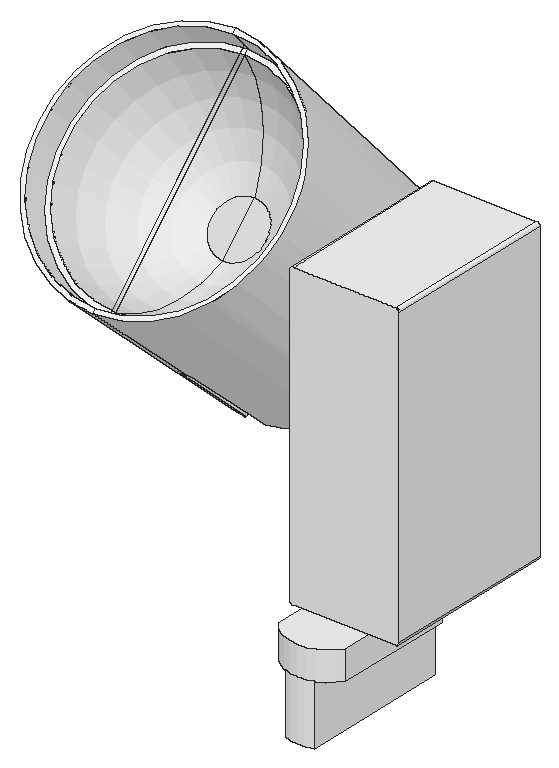
Revit family "0004937 Feilo Sylvania Lighting Fixture START TRACK SPOT L DALI 4897LM 940 MB WHT", category Lighting Fixtures, host Face, Revit 2017
Family settings
  Host = Face
  Round Connector Dimension = Use Diameter
  Part Type = Normal
  OmniClass Number = 23.80.70.00
  OmniClass Title = Lighting
  Cut with Voids When Loaded = No
  Light Source = No
  Shared = No
  Room Calculation Point = No
Parameters (values of type "0004937 START TRACK SPOT L DALI 4897LM 940 MB WHT")
  Weight = "1.398 kg"
  Wattage Comments = ""
  WarrantyStartDate [instance] = "n/a"
  WarrantyGuarantorParts = "n/a"
  WarrantyDurationUnit = "n/a"
  WarrantyDurationParts = "n/a"
  WarrantyDescription = "n/a"
  Voltage = 230 V
  URL = "http://www.sylvania-lighting.com/"
  TypeName = "START TRACK SPOT L DALI 4897LM 940 MB WHT"
  TypeHead_FEILO = Start Track Spot Head : 0004881 START TRACK SPOT L 55W 4K RA90 MB WHITE
  TypeBox_FEILO = Start Track Spot Box : Type Large White
  Type Image = <None>
  Type Comments = "n/a"
  VerticalRotation_FEILO [instance] = 0.00°
  SlideEndAngle_FEILO [instance] = VerticalRotation_FEILO + 180.00°  # 180.00°
  SerialNumber [instance] = "n/a"
  Material_3_FEILO = none
  PowerFactor = 0.96
  PowerConsumption = "55 W"
  NominalLength = 0 mm
  NominalHeight = 240 mm
  NominalDepth = 164 mm
  Name = "START TRACK SPOT L DALI 4897LM 940 MB WHT"
  ModelReference = Name  # "START TRACK SPOT L DALI 4897LM 940 MB WHT"
  ModelNumber = "0004937"
  Model = Name  # "START TRACK SPOT L DALI 4897LM 940 MB WHT"
  Material = "adc12 aluminium housing, polycarbonate diffuser"
  ManufacturerName = "Feilo Sylvania"
  Manufacturer = "Feilo Sylvania"
  LuminousEfficacy = "89 lm/W"
  LuminaireType = ""
  LightOutputRatio = "100"
  LampsType = Lamp  # "LED"
  LampNominalLuminous = "4897 lm"
  LampMacAdamStep = "3"
  LampColourTemperature = "4000 K"
  LampColourRenderingIndex = "90"
  Lamp = "LED"
  Keynote = "16500"
  InstallationDate [instance] = "n/a"
  InputVoltage = "230-240V~"
  InputNominalFrequency = "50/60 Hz"
  IngressProtection = "IP20"
  ImpactProtectionIndex = "IK02"
  IfcExportType = "IfcLightFixtureType"
  IfcExportAs = "IfcLightFixtureType"
  HorizontalRotation_FEILO [instance] = 45.00°
  ExpectedLife = 50000
  ElectricShockClassification = "Class II"
  DurationUnit = "hours"
  DocumentationLiterature = "http://www.sylvania-lighting.com/product/en-int/products/0004881"
  DimmingControlOptions = "Dimmable"
  Material_2_FEILO = none
  Description = "Integrated LED spotlight, Textured White - RAL9016, compact and minimalist design, ideal for retail applications, die-cast aluminium body, passive cooling heatsink. Beam angle: 38°, color temperature: 4000K , total system power: 55W, total fixture output: 4897 lm, LOR: 100%, colour rendering: Ra: 90 typical, LED Chromaticity: 3 step MacAdam ellipse, lifetime: >50000 hours at L70B50, energy class: A++, A+, A, IR/UV free light source without heat radiation, operating voltage: 220-240V / 50-60Hz, drive current: 1400mA, electronic driver, non-dimmable, power factor: 0.96, electrical protection: Class II, Global Track 3 Phase adapter suitable for Global trac 3-circuit tracks, ingress protection rating: IP20, suitable for internal environment only, horizontal rotation: 355°, vertical tilt: 90°, dimensions: Ø113x164x240, weight: 1.398kg."
  Default Elevation = 1219.2 mm
  CreatedOn = "04/26/2018"
  CreatedBy = ""
  Cost = 0
  built-in parameter 1114216 [instance] = (empty or 0)
  ClassificationValue = "EF_70_80"
  ClassificationName = "Uniclass2015"
  Material_1_FEILO = Body-Sylvania-StartTrackSpot-White
  BarCode [instance] = "n/a"
  AssetType = "Fixed"
  AssetIdentifier [instance] = "n/a"
  Assembly Code = "D5020200"
  Apparent Load = 55 VA
  Material_4_FEILO = none
Reference planes
  plane 1 "Center (Front/Back)": y = 0
  plane 2: z = 0
  plane 3 "Center (Left/Right)": x = 0
  plane 4: x = 15
  plane 5: x = -15
  plane 6: y = 35
  plane 7: y = -35
  plane 8: z = 13
  plane 9: z = -27
  plane 10: x = 6.5
  plane 11: x = -6.5
  plane 12: y = 27
  plane 13: y = -27
  plane 14: y = 20
Forms (mm)
  Extrusion 1, solid, material "Body-Sylvania-StartTrackSpot-White" <- "Material_1_FEILO"
    sketch origin (0, 0, 0) x (1, 0, 0) y (0, 1, 0)
      loop
        line (-15, 27) -> (-15, -27)
        arc (-15, -27) -> (0, -35) -> (15, -27) r 18.062
        line (15, -27) -> (15, 27)
        arc (15, 27) -> (0, 35) -> (-15, 27) r 18.062
    from 0 to 13
  Extrusion 2, solid, material "Body-Sylvania-StartTrackSpot-White" <- "Material_1_FEILO"
    sketch origin (0, 0, 0) x (1, 0, 0) y (0, 1, 0)
      loop
        arc (6.5, 33.79) -> (0, 35) -> (-6.5, 33.79) r 18.062
        line (-6.5, 33.79) -> (-6.5, -33.79)
        arc (-6.5, -33.79) -> (0, -35) -> (6.5, -33.79) r 18.062
        line (6.5, -33.79) -> (6.5, 33.79)
    from 0 to -27
  Revolve 3, solid, not visible
    sketch origin (1524, 20, 1219.2) x (1, 0, 0) y (0, 0, 1)
      loop
        line (-1524, -1206.2) -> (-1524, -1191.285) -> (-1530.5, -1191.285) -> (-1530.5, -1206.2) -> (-1524, -1206.2)
      axis (-1524, -1191.285) -> (-1524, -1206.2)
    angle from 0 <- "VerticalRotation_FEILO" to 180 <- "SlideEndAngle_FEILO"
Cuts and joins
  joined: Extrusion 1, Extrusion 2
Dimensions and locks
  equal spacing: plane 10, plane 3 "Center (Left/Right)", plane 11
  equal spacing: plane 4, plane 3 "Center (Left/Right)", plane 5
  locked: plane 8 to plane 2 at 13
  locked: plane 8 to plane 9 at 40
  equal spacing: plane 13, plane 1 "Center (Front/Back)", plane 12
  locked: plane 12 to plane 6 at 8
  locked: plane 14 to plane 6 at 15
  locked: Revolve 3 sketch curve to plane 8 at 14.915
  aligned and locked: plane 2 to host face
  aligned and locked: level to host face
  aligned and locked: plane 5 to Extrusion 1 sketch curve  (x2)
  aligned and locked: plane 12 to Extrusion 1 sketch curve
  aligned and locked: plane 13 to Extrusion 1 sketch curve
  aligned and locked: plane 4 to Extrusion 1 sketch curve
  aligned and locked: Extrusion 1 to plane 8
  aligned and locked: Extrusion 1 to level
  aligned and locked: Extrusion 2 sketch curve to Extrusion 1  (x2)
  aligned and locked: Extrusion 2 sketch curve to plane 11
  aligned and locked: plane 10 to Extrusion 2 sketch curve
  aligned and locked: plane 9 to Extrusion 2
  aligned and locked: level to Extrusion 2
  aligned and locked: Revolve 3 sketch curve to plane 3 "Center (Left/Right)"  (x2)
  aligned and locked: plane 11 to Revolve 3 sketch curve
  aligned and locked: Revolve 3 sketch curve to plane 8
Automatic sketch dimensions
  host sketch curve to host sketch curve = 2438.4 mm  (x2)
  Extrusion 1 sketch curve to plane 3 "Center (Left/Right)" = 0 mm  (x2)
  Extrusion 1 sketch curve to plane 13 = 10.062 mm
  plane 12 to Extrusion 1 sketch curve = 10.062 mm
  Revolve 3 sketch curve to plane 3 "Center (Left/Right)" = 0 mm
  plane 9 to Revolve 3 sketch curve = 582.6 mm
  Revolve 3 sketch curve to Revolve 3 sketch curve = 2581.144 mm
Nested families
  nested 1: "Start Track Spot Head" at (-75.5, 20, 133) x (0, 0.7071, 0.7071) z (0, 0.7071, -0.7071), type <- "TypeHead_FEILO", type "0004881 START TRACK SPOT L 55W 4K RA90 MB WHITE"
    with built-in parameter 1114216 (empty or 0)
  nested 2: "Start Track Spot Box" at (8.5, 20, 85) x (-1, 0, 0) z (0, -1, 0), BoxStartAngle_FEILO <- "HorizontalRotation_FEILO", type <- "TypeBox_FEILO", type "Type Large White"
    with BoxStartAngle_FEILO 45.00°, BoxEndAngle_FEILO -135.00°
Connectors
  electrical at (0, 0, 0), driven by "Apparent Load", driven by "PowerFactor", driven by "Voltage"
    settings: index 1, voltage 230 V, apparent load 55 VA, apparent load phase1 0 VA, apparent load phase2 0 VA, apparent load phase3 0 VA, power factor 0.96, load classification "Lighting", number of poles 1, system type 30, power factor state 1, is connector primary yes, connector utility no, sub classification motor no, connector description ""
Definition of nested family "Start Track Spot Head"
  Parameters (values of type "0004811 START TRACK SPOT S 14W 3K RA80 NB WHITE")
    Wattage Comments = "n/a"
    Wattage = 14 W
    built-in parameter 1150110 = 1 (stored number, unit not read)
    URL = "http://www.feilosylvania.com"
    Type Image = (empty or 0)
    Type Comments = "n/a"
    built-in parameter 1114217 = 1 (stored number, unit not read)
    Tilt Angle = -90.00°
    built-in parameter 1150109 = 1 (stored number, unit not read)
    built-in parameter 1150134 = (empty or 0)
    built-in parameter 1150113 = 1 (stored number, unit not read)
    Photometric Web File = "0004811.ies"
    Material_3_FEILO = none
    Model = "START TRACK SPOT S 14W 3K RA80 NB WHITE"
    Manufacturer = "Feilo Sylvania"
    built-in parameter 1150105 = 123.66 (stored number, unit not read)
    Lumens = 1554 lm
    built-in parameter 1150115 = 1 (stored number, unit not read)
    built-in parameter 1150137 = (empty or 0)
    built-in parameter 1150139 = (empty or 0)
    built-in parameter 1150112 = 1 (stored number, unit not read)
    built-in parameter 1150114 = 1 (stored number, unit not read)
    Lamp = "LED"
    Keynote = "16500"
    Material_2_FEILO = none
    built-in parameter 1150132 = (empty or 0)
    built-in parameter 1150102 = (empty or 0)
    built-in parameter 1150107 = 3000 (stored number, unit not read)
    built-in parameter 1150138 = (empty or 0)
    built-in parameter 1150106 = 1.2366 (stored number, unit not read)
    HeadThickness_FEILO = if(HeadDiaOut_FEILO > 112 mm, 2 mm, 1.5 mm)  # 1.5 mm
    HeadRibOffset_FEILO = HeadHeight_FEILO / 28  # 4.179 mm
    HeadRibDepth_FEILO = HeadHeight_FEILO / 2.1  # 55.714 mm
    HeadRibCutWidth_FEILO = HeadDiaOut_FEILO / 12  # 7.167 mm
    HeadRibCutOffset_FEILO = HeadHeight_FEILO / 2.3  # 50.87 mm
    HeadReflectorRadius_FEILO = HeadDiaOut_FEILO / 1.7  # 50.588 mm
    HeadReflectorOffset_FEILO = HeadHeight_FEILO / 2.1  # 55.714 mm
    HeadLEDRadius_FEILO = HeadDiaOut_FEILO / 9  # 9.556 mm
    HeadHeight_FEILO = 117 mm
    HeadDraft_FEILO = 1 mm
    HeadDiffusorThickness_FEILO = 3 mm
    HeadDiffusorOffset_FEILO = HeadHeight_FEILO / 12.4  # 9.435 mm
    HeadDiaOut_FEILO = 86 mm
    HeadDiaIn_FEILO = HeadDiaOut_FEILO / 1.11  # 77.477 mm
    HeadAxisFromTop_FEILO = HeadHeight_FEILO / 1.687  # 69.354 mm
    Emit from Circle Diameter = HeadDiaIn_FEILO  # 77.477 mm
    Emit Shape Visible in Rendering = no
    built-in parameter 1150104 = 10.312 (stored number, unit not read)
    Dimming Lamp Color Temperature Shift = (empty or 0)
    Description = "Integrated LED spotlight, Textured White - RAL9016, compact and minimalist design, ideal for retail applications, die-cast aluminium body, passive cooling heatsink. Beam angle: 12°, color temperature: 3000K , total system power: 14W, total fixture output: 1551 lm, LOR: 100%, colour rendering: Ra: 80 typical, LED Chromaticity: 3 step MacAdam ellipse, lifetime: >50000 hours at L70B50, energy class: A++, A+, A, IR/UV free light source without heat radiation, operating voltage: 220-240V / 50-60Hz, drive current: 350mA, electronic driver, non-dimmable, power factor: 0.92, electrical protection: Class II, Global Track 3 Phase adapter suitable for Global trac 3-circuit tracks, ingress protection rating: IP20, suitable for internal environment only, horizontal rotation: 355°, vertical tilt: 90°, dimensions: Ø86x140x200, weight: 0.940kg."
    Default Elevation = 1219.2 mm
    Cost = 0
    Color Filter = 16777215
    built-in parameter 1114216 [instance] = (empty or 0)
    Material_1_FEILO = none
    built-in parameter 1114218 = 1 (stored number, unit not read)
    built-in parameter 1150133 = 10 (stored number, unit not read)
    Assembly Code = "D5020200"
    Apparent Load = 14 VA
    Material_4_FEILO = none
  Types (96, lengths in mm): name | Wattage | built-in parameter 1150134 | Photometric Web File | Model | built-in parameter 1150105 | Lumens | built-in parameter 1150107 | built-in parameter 1150106 | HeadThickness_FEILO | HeadRibOffset_FEILO | HeadRibDepth_FEILO | HeadRibCutWidth_FEILO | HeadRibCutOffset_FEILO | HeadReflectorRadius_FEILO | HeadReflectorOffset_FEILO | HeadLEDRadius_FEILO | HeadHeight_FEILO | HeadDiffusorOffset_FEILO | HeadDiaOut_FEILO | HeadDiaIn_FEILO | HeadAxisFromTop_FEILO | Emit from Circle Diameter | built-in parameter 1150104 | Description | Apparent Load
    0004906 START TRACK SPOT L 55W 4K RA90 WB BLACK | 55 W | 12 | "0004906.ies" | "START TRACK SPOT L 55W 4K RA90 WB BLACK" | 385.15 (stored number, unit not read) | 4840 lm | 4000 (stored number, unit not read) | 3.8515 (stored number, unit not read) | 2 | 4.429 | 59.048 | 9.417 | 53.913 | 66.471 | 59.048 | 12.556 | 124 | 10 | 113 | 101.802 | 73.503 | 101.802 | 8.1755 (stored number, unit not read) | "Integrated LED spotlight, Textured Black - RAL9005, compact and minimalist design, ideal for retail applications, die-cast aluminium body, passive cooling heatsink. Beam angle: 52°, color temperature: 4000K , total system power: 55W, total fixture output: 4824 lm, LOR: 100%, colour rendering: Ra: 90 typical, LED Chromaticity: 3 step MacAdam ellipse, lifetime: >50000 hours at L70B50, energy class: A++, A+, A, IR/UV free light source without heat radiation, operating voltage: 220-240V / 50-60Hz, drive current: 1400mA, electronic driver, non-dimmable, power factor: 0.96, electrical protection: Class II, Global Track 3 Phase adapter suitable for Global trac 3-circuit tracks, ingress protection rating: IP20, suitable for internal environment only, horizontal rotation: 355°, vertical tilt: 90°, dimensions: Ø113x164x240, weight: 1.398kg." | 55 VA
    0004905 START TRACK SPOT L 55W 4K RA90 MB BLACK | 55 W | 12 | "0004905.ies" | "START TRACK SPOT L 55W 4K RA90 MB BLACK" | 389.53 (stored number, unit not read) | 4895 lm | 4000 (stored number, unit not read) | 3.8953 (stored number, unit not read) | 2 | 4.429 | 59.048 | 9.417 | 53.913 | 66.471 | 59.048 | 12.556 | 124 | 10 | 113 | 101.802 | 73.503 | 101.802 | 8.2684 (stored number, unit not read) | "Integrated LED spotlight, Textured Black - RAL9005, compact and minimalist design, ideal for retail applications, die-cast aluminium body, passive cooling heatsink. Beam angle: 38°, color temperature: 4000K , total system power: 55W, total fixture output: 4897 lm, LOR: 100%, colour rendering: Ra: 90 typical, LED Chromaticity: 3 step MacAdam ellipse, lifetime: >50000 hours at L70B50, energy class: A++, A+, A, IR/UV free light source without heat radiation, operating voltage: 220-240V / 50-60Hz, drive current: 1400mA, electronic driver, non-dimmable, power factor: 0.96, electrical protection: Class II, Global Track 3 Phase adapter suitable for Global trac 3-circuit tracks, ingress protection rating: IP20, suitable for internal environment only, horizontal rotation: 355°, vertical tilt: 90°, dimensions: Ø113x164x240, weight: 1.398kg." | 55 VA
    0004904 START TRACK SPOT L 55W 4K RA90 NB BLACK | 55 W | 12 | "0004904.ies" | "START TRACK SPOT L 55W 4K RA90 NB BLACK" | 393.91 (stored number, unit not read) | 4950 lm | 4000 (stored number, unit not read) | 3.9391 (stored number, unit not read) | 2 | 4.429 | 59.048 | 9.417 | 53.913 | 66.471 | 59.048 | 12.556 | 124 | 10 | 113 | 101.802 | 73.503 | 101.802 | 8.3613 (stored number, unit not read) | "Integrated LED spotlight, Textured Black - RAL9005, compact and minimalist design, ideal for retail applications, die-cast aluminium body, passive cooling heatsink. Beam angle: 15°, color temperature: 4000K , total system power: 55W, total fixture output: 4965 lm, LOR: 100%, colour rendering: Ra: 90 typical, LED Chromaticity: 3 step MacAdam ellipse, lifetime: >50000 hours at L70B50, energy class: A++, A+, A, IR/UV free light source without heat radiation, operating voltage: 220-240V / 50-60Hz, drive current: 1400mA, electronic driver, non-dimmable, power factor: 0.96, electrical protection: Class II, Global Track 3 Phase adapter suitable for Global trac 3-circuit tracks, ingress protection rating: IP20, suitable for internal environment only, horizontal rotation: 355°, vertical tilt: 90°, dimensions: Ø113x164x240, weight: 1.398kg." | 55 VA
    0004903 START TRACK SPOT L 35W 4K RA90 WB BLACK | 35 W | 12 | "0004903.ies" | "START TRACK SPOT L 35W 4K RA90 WB BLACK" | 284.09 (stored number, unit not read) | 3570 lm | 4000 (stored number, unit not read) | 2.8409 (stored number, unit not read) | 2 | 4.429 | 59.048 | 9.417 | 53.913 | 66.471 | 59.048 | 12.556 | 124 | 10 | 113 | 101.802 | 73.503 | 101.802 | 9.4761 (stored number, unit not read) | "Integrated LED spotlight, Textured Black - RAL9005, compact and minimalist design, ideal for retail applications, die-cast aluminium body, passive cooling heatsink. Beam angle: 52°, color temperature: 4000K , total system power: 35W, total fixture output: 3562 lm, LOR: 100%, colour rendering: Ra: 90 typical, LED Chromaticity: 3 step MacAdam ellipse, lifetime: >50000 hours at L70B50, energy class: A++, A+, A, IR/UV free light source without heat radiation, operating voltage: 220-240V / 50-60Hz, drive current: 900mA, electronic driver, non-dimmable, power factor: 0.93, electrical protection: Class II, Global Track 3 Phase adapter suitable for Global trac 3-circuit tracks, ingress protection rating: IP20, suitable for internal environment only, horizontal rotation: 355°, vertical tilt: 90°, dimensions: Ø113x164x240, weight: 1.368kg." | 35 VA
    0004902 START TRACK SPOT L 35W 4K RA90 MB BLACK | 35 W | 12 | "0004902.ies" | "START TRACK SPOT L 35W 4K RA90 MB BLACK" | 286.88 (stored number, unit not read) | 3605 lm | 4000 (stored number, unit not read) | 2.8688 (stored number, unit not read) | 2 | 4.429 | 59.048 | 9.417 | 53.913 | 66.471 | 59.048 | 12.556 | 124 | 10 | 113 | 101.802 | 73.503 | 101.802 | 9.569 (stored number, unit not read) | "Integrated LED spotlight, Textured Black - RAL9005, compact and minimalist design, ideal for retail applications, die-cast aluminium body, passive cooling heatsink. Beam angle: 38°, color temperature: 4000K , total system power: 35W, total fixture output: 3616 lm, LOR: 100%, colour rendering: Ra: 90 typical, LED Chromaticity: 3 step MacAdam ellipse, lifetime: >50000 hours at L70B50, energy class: A++, A+, A, IR/UV free light source without heat radiation, operating voltage: 220-240V / 50-60Hz, drive current: 900mA, electronic driver, non-dimmable, power factor: 0.93, electrical protection: Class II, Global Track 3 Phase adapter suitable for Global trac 3-circuit tracks, ingress protection rating: IP20, suitable for internal environment only, horizontal rotation: 355°, vertical tilt: 90°, dimensions: Ø113x164x240, weight: 1.368kg." | 35 VA
    0004901 START TRACK SPOT L 35W 4K RA90 NB BLACK | 35 W | 12 | "0004901.ies" | "START TRACK SPOT L 35W 4K RA90 NB BLACK" | 286.88 (stored number, unit not read) | 3605 lm | 4000 (stored number, unit not read) | 2.8688 (stored number, unit not read) | 2 | 4.429 | 59.048 | 9.417 | 53.913 | 66.471 | 59.048 | 12.556 | 124 | 10 | 113 | 101.802 | 73.503 | 101.802 | 9.569 (stored number, unit not read) | "Integrated LED spotlight, Textured Black - RAL9005, compact and minimalist design, ideal for retail applications, die-cast aluminium body, passive cooling heatsink. Beam angle: 15°, color temperature: 4000K , total system power: 35W, total fixture output: 3593 lm, LOR: 100%, colour rendering: Ra: 90 typical, LED Chromaticity: 3 step MacAdam ellipse, lifetime: >50000 hours at L70B50, energy class: A++, A+, A, IR/UV free light source without heat radiation, operating voltage: 220-240V / 50-60Hz, drive current: 900mA, electronic driver, non-dimmable, power factor: 0.93, electrical protection: Class II, Global Track 3 Phase adapter suitable for Global trac 3-circuit tracks, ingress protection rating: IP20, suitable for internal environment only, horizontal rotation: 355°, vertical tilt: 90°, dimensions: Ø113x164x240, weight: 1.368kg." | 35 VA
    0004900 START TRACK SPOT S 24W 4K RA90 WB BLACK | 24 W | 12 | "0004900.ies" | "START TRACK SPOT S 24W 4K RA90 WB BLACK" | 166.16 (stored number, unit not read) | 2088 lm | 4000 (stored number, unit not read) | 1.6616 (stored number, unit not read) | 1.5 | 4.179 | 55.714 | 7.167 | 50.87 | 50.588 | 55.714 | 9.556 | 117 | 9.435 | 86 | 77.477 | 69.354 | 77.477 | 8.0826 (stored number, unit not read) | "Integrated LED spotlight, Textured Black - RAL9005, compact and minimalist design, ideal for retail applications, die-cast aluminium body, passive cooling heatsink. Beam angle: 64°, color temperature: 4000K , total system power: 24W, total fixture output: 2087 lm, LOR: 100%, colour rendering: Ra: 90 typical, LED Chromaticity: 3 step MacAdam ellipse, lifetime: >50000 hours at L70B50, energy class: A++, A+, A, IR/UV free light source without heat radiation, operating voltage: 220-240V / 50-60Hz, drive current: 600mA, electronic driver, non-dimmable, power factor: 0.95, electrical protection: Class II, Global Track 3 Phase adapter suitable for Global trac 3-circuit tracks, ingress protection rating: IP20, suitable for internal environment only, horizontal rotation: 355°, vertical tilt: 90°, dimensions: Ø86x140x200, weight: 0.966kg." | 24 VA
    0004899 START TRACK SPOT S 24W 4K RA90 MB BLACK | 24 W | 12 | "0004899.ies" | "START TRACK SPOT S 24W 4K RA90 MB BLACK" | 169.98 (stored number, unit not read) | 2136 lm | 4000 (stored number, unit not read) | 1.6998 (stored number, unit not read) | 1.5 | 4.179 | 55.714 | 7.167 | 50.87 | 50.588 | 55.714 | 9.556 | 117 | 9.435 | 86 | 77.477 | 69.354 | 77.477 | 8.2684 (stored number, unit not read) | "Integrated LED spotlight, Textured Black - RAL9005, compact and minimalist design, ideal for retail applications, die-cast aluminium body, passive cooling heatsink. Beam angle: 36°, color temperature: 4000K , total system power: 24W, total fixture output: 2141 lm, LOR: 100%, colour rendering: Ra: 90 typical, LED Chromaticity: 3 step MacAdam ellipse, lifetime: >50000 hours at L70B50, energy class: A++, A+, A, IR/UV free light source without heat radiation, operating voltage: 220-240V / 50-60Hz, drive current: 600mA, electronic driver, non-dimmable, power factor: 0.95, electrical protection: Class II, Global Track 3 Phase adapter suitable for Global trac 3-circuit tracks, ingress protection rating: IP20, suitable for internal environment only, horizontal rotation: 355°, vertical tilt: 90°, dimensions: Ø86x140x200, weight: 0.966kg." | 24 VA
    0004898 START TRACK SPOT S 24W 4K RA90 NB BLACK | 24 W | 12 | "0004898.ies" | "START TRACK SPOT S 24W 4K RA90 NB BLACK" | 171.89 (stored number, unit not read) | 2160 lm | 4000 (stored number, unit not read) | 1.7189 (stored number, unit not read) | 1.5 | 4.179 | 55.714 | 7.167 | 50.87 | 50.588 | 55.714 | 9.556 | 117 | 9.435 | 86 | 77.477 | 69.354 | 77.477 | 8.3613 (stored number, unit not read) | "Integrated LED spotlight, Textured Black - RAL9005, compact and minimalist design, ideal for retail applications, die-cast aluminium body, passive cooling heatsink. Beam angle: 12°, color temperature: 4000K , total system power: 24W, total fixture output: 2155 lm, LOR: 100%, colour rendering: Ra: 90 typical, LED Chromaticity: 3 step MacAdam ellipse, lifetime: >50000 hours at L70B50, energy class: A++, A+, A, IR/UV free light source without heat radiation, operating voltage: 220-240V / 50-60Hz, drive current: 600mA, electronic driver, non-dimmable, power factor: 0.95, electrical protection: Class II, Global Track 3 Phase adapter suitable for Global trac 3-circuit tracks, ingress protection rating: IP20, suitable for internal environment only, horizontal rotation: 355°, vertical tilt: 90°, dimensions: Ø86x140x200, weight: 0.966kg." | 24 VA
    0004897 START TRACK SPOT S 14W 4K RA90 WB BLACK | 14 W | 12 | "0004897.ies" | "START TRACK SPOT S 14W 4K RA90 WB BLACK" | 108.07 (stored number, unit not read) | 1358 lm | 4000 (stored number, unit not read) | 1.0807 (stored number, unit not read) | 1.5 | 4.179 | 55.714 | 7.167 | 50.87 | 50.588 | 55.714 | 9.556 | 117 | 9.435 | 86 | 77.477 | 69.354 | 77.477 | 9.0116 (stored number, unit not read) | "Integrated LED spotlight, Textured Black - RAL9005, compact and minimalist design, ideal for retail applications, die-cast aluminium body, passive cooling heatsink. Beam angle: 64°, color temperature: 4000K , total system power: 14W, total fixture output: 1352 lm, LOR: 100%, colour rendering: Ra: 90 typical, LED Chromaticity: 3 step MacAdam ellipse, lifetime: >50000 hours at L70B50, energy class: A++, A+, A, IR/UV free light source without heat radiation, operating voltage: 220-240V / 50-60Hz, drive current: 350mA, electronic driver, non-dimmable, power factor: 0.92, electrical protection: Class II, Global Track 3 Phase adapter suitable for Global trac 3-circuit tracks, ingress protection rating: IP20, suitable for internal environment only, horizontal rotation: 355°, vertical tilt: 90°, dimensions: Ø86x140x200, weight: 0.940kg." | 14 VA
    0004896 START TRACK SPOT S 14W 4K RA90 MB BLACK | 14 W | 12 | "0004896.ies" | "START TRACK SPOT S 14W 4K RA90 MB BLACK" | 108.07 (stored number, unit not read) | 1358 lm | 4000 (stored number, unit not read) | 1.0807 (stored number, unit not read) | 1.5 | 4.179 | 55.714 | 7.167 | 50.87 | 50.588 | 55.714 | 9.556 | 117 | 9.435 | 86 | 77.477 | 69.354 | 77.477 | 9.0116 (stored number, unit not read) | "Integrated LED spotlight, Textured Black - RAL9005, compact and minimalist design, ideal for retail applications, die-cast aluminium body, passive cooling heatsink. Beam angle: 36°, color temperature: 4000K , total system power: 14W, total fixture output: 1359 lm, LOR: 100%, colour rendering: Ra: 90 typical, LED Chromaticity: 3 step MacAdam ellipse, lifetime: >50000 hours at L70B50, energy class: A++, A+, A, IR/UV free light source without heat radiation, operating voltage: 220-240V / 50-60Hz, drive current: 350mA, electronic driver, non-dimmable, power factor: 0.92, electrical protection: Class II, Global Track 3 Phase adapter suitable for Global trac 3-circuit tracks, ingress protection rating: IP20, suitable for internal environment only, horizontal rotation: 355°, vertical tilt: 90°, dimensions: Ø86x140x200, weight: 0.940kg." | 14 VA
    0004895 START TRACK SPOT S 14W 4K RA90 NB BLACK | 14 W | 12 | "0004895.ies" | "START TRACK SPOT S 14W 4K RA90 NB BLACK" | 106.95 (stored number, unit not read) | 1344 lm | 4000 (stored number, unit not read) | 1.0695 (stored number, unit not read) | 1.5 | 4.179 | 55.714 | 7.167 | 50.87 | 50.588 | 55.714 | 9.556 | 117 | 9.435 | 86 | 77.477 | 69.354 | 77.477 | 8.9187 (stored number, unit not read) | "Integrated LED spotlight, Textured Black - RAL9005, compact and minimalist design, ideal for retail applications, die-cast aluminium body, passive cooling heatsink. Beam angle: 12°, color temperature: 4000K , total system power: 14W, total fixture output: 1349 lm, LOR: 100%, colour rendering: Ra: 90 typical, LED Chromaticity: 3 step MacAdam ellipse, lifetime: >50000 hours at L70B50, energy class: A++, A+, A, IR/UV free light source without heat radiation, operating voltage: 220-240V / 50-60Hz, drive current: 350mA, electronic driver, non-dimmable, power factor: 0.92, electrical protection: Class II, Global Track 3 Phase adapter suitable for Global trac 3-circuit tracks, ingress protection rating: IP20, suitable for internal environment only, horizontal rotation: 355°, vertical tilt: 90°, dimensions: Ø86x140x200, weight: 0.940kg." | 14 VA
    0004894 START TRACK SPOT L 55W 3K RA90 WB BLACK | 55 W | (empty or 0) | "0004894.ies" | "START TRACK SPOT L 55W 3K RA90 WB BLACK" | 350.14 (stored number, unit not read) | 4400 lm | 3000 (stored number, unit not read) | 3.5014 (stored number, unit not read) | 2 | 4.429 | 59.048 | 9.417 | 53.913 | 66.471 | 59.048 | 12.556 | 124 | 10 | 113 | 101.802 | 73.503 | 101.802 | 7.4322 (stored number, unit not read) | "Integrated LED spotlight, Textured Black - RAL9005, compact and minimalist design, ideal for retail applications, die-cast aluminium body, passive cooling heatsink. Beam angle: 52°, color temperature: 3000K , total system power: 55W, total fixture output: 4405 lm, LOR: 100%, colour rendering: Ra: 90 typical, LED Chromaticity: 3 step MacAdam ellipse, lifetime: >50000 hours at L70B50, energy class: A++, A+, A, IR/UV free light source without heat radiation, operating voltage: 220-240V / 50-60Hz, drive current: 1400mA, electronic driver, non-dimmable, power factor: 0.96, electrical protection: Class II, Global Track 3 Phase adapter suitable for Global trac 3-circuit tracks, ingress protection rating: IP20, suitable for internal environment only, horizontal rotation: 355°, vertical tilt: 90°, dimensions: Ø113x164x240, weight: 1.398kg." | 55 VA
    0004893 START TRACK SPOT L 55W 3K RA90 MB BLACK | 55 W | (empty or 0) | "0004893.ies" | "START TRACK SPOT L 55W 3K RA90 MB BLACK" | 354.52 (stored number, unit not read) | 4455 lm | 3000 (stored number, unit not read) | 3.5452 (stored number, unit not read) | 2 | 4.429 | 59.048 | 9.417 | 53.913 | 66.471 | 59.048 | 12.556 | 124 | 10 | 113 | 101.802 | 73.503 | 101.802 | 7.5251 (stored number, unit not read) | "Integrated LED spotlight, Textured Black - RAL9005, compact and minimalist design, ideal for retail applications, die-cast aluminium body, passive cooling heatsink. Beam angle: 38°, color temperature: 3000K , total system power: 55W, total fixture output: 4448 lm, LOR: 100%, colour rendering: Ra: 90 typical, LED Chromaticity: 3 step MacAdam ellipse, lifetime: >50000 hours at L70B50, energy class: A++, A+, A, IR/UV free light source without heat radiation, operating voltage: 220-240V / 50-60Hz, drive current: 1400mA, electronic driver, non-dimmable, power factor: 0.96, electrical protection: Class II, Global Track 3 Phase adapter suitable for Global trac 3-circuit tracks, ingress protection rating: IP20, suitable for internal environment only, horizontal rotation: 355°, vertical tilt: 90°, dimensions: Ø113x164x240, weight: 1.398kg." | 55 VA
    0004892 START TRACK SPOT L 55W 3K RA90 NB BLACK | 55 W | (empty or 0) | "0004892.ies" | "START TRACK SPOT L 55W 3K RA90 NB BLACK" | 350.14 (stored number, unit not read) | 4400 lm | 3000 (stored number, unit not read) | 3.5014 (stored number, unit not read) | 2 | 4.429 | 59.048 | 9.417 | 53.913 | 66.471 | 59.048 | 12.556 | 124 | 10 | 113 | 101.802 | 73.503 | 101.802 | 7.4322 (stored number, unit not read) | "Integrated LED spotlight, Textured Black - RAL9005, compact and minimalist design, ideal for retail applications, die-cast aluminium body, passive cooling heatsink. Beam angle: 15°, color temperature: 3000K , total system power: 55W, total fixture output: 4416 lm, LOR: 100%, colour rendering: Ra: 90 typical, LED Chromaticity: 3 step MacAdam ellipse, lifetime: >50000 hours at L70B50, energy class: A++, A+, A, IR/UV free light source without heat radiation, operating voltage: 220-240V / 50-60Hz, drive current: 1400mA, electronic driver, non-dimmable, power factor: 0.96, electrical protection: Class II, Global Track 3 Phase adapter suitable for Global trac 3-circuit tracks, ingress protection rating: IP20, suitable for internal environment only, horizontal rotation: 355°, vertical tilt: 90°, dimensions: Ø113x164x240, weight: 1.398kg." | 55 VA
    0004891 START TRACK SPOT L 35W 3K RA90 WB BLACK | 35 W | (empty or 0) | "0004891.ies" | "START TRACK SPOT L 35W 3K RA90 WB BLACK" | 259.02 (stored number, unit not read) | 3255 lm | 3000 (stored number, unit not read) | 2.5902 (stored number, unit not read) | 2 | 4.429 | 59.048 | 9.417 | 53.913 | 66.471 | 59.048 | 12.556 | 124 | 10 | 113 | 101.802 | 73.503 | 101.802 | 8.64 (stored number, unit not read) | "Integrated LED spotlight, Textured Black - RAL9005, compact and minimalist design, ideal for retail applications, die-cast aluminium body, passive cooling heatsink. Beam angle: 52°, color temperature: 3000K , total system power: 35W, total fixture output: 3260 lm, LOR: 100%, colour rendering: Ra: 90 typical, LED Chromaticity: 3 step MacAdam ellipse, lifetime: >50000 hours at L70B50, energy class: A++, A+, A, IR/UV free light source without heat radiation, operating voltage: 220-240V / 50-60Hz, drive current: 900mA, electronic driver, non-dimmable, power factor: 0.93, electrical protection: Class II, Global Track 3 Phase adapter suitable for Global trac 3-circuit tracks, ingress protection rating: IP20, suitable for internal environment only, horizontal rotation: 355°, vertical tilt: 90°, dimensions: Ø113x164x240, weight: 1.368kg." | 35 VA
    0004890 START TRACK SPOT L 35W 3K RA90 MB BLACK | 35 W | (empty or 0) | "0004890.ies" | "START TRACK SPOT L 35W 3K RA90 MB BLACK" | 261.81 (stored number, unit not read) | 3290 lm | 3000 (stored number, unit not read) | 2.6181 (stored number, unit not read) | 2 | 4.429 | 59.048 | 9.417 | 53.913 | 66.471 | 59.048 | 12.556 | 124 | 10 | 113 | 101.802 | 73.503 | 101.802 | 8.7329 (stored number, unit not read) | "Integrated LED spotlight, Textured Black - RAL9005, compact and minimalist design, ideal for retail applications, die-cast aluminium body, passive cooling heatsink. Beam angle: 38°, color temperature: 3000K , total system power: 35W, total fixture output: 3306 lm, LOR: 100%, colour rendering: Ra: 90 typical, LED Chromaticity: 3 step MacAdam ellipse, lifetime: >50000 hours at L70B50, energy class: A++, A+, A, IR/UV free light source without heat radiation, operating voltage: 220-240V / 50-60Hz, drive current: 900mA, electronic driver, non-dimmable, power factor: 0.93, electrical protection: Class II, Global Track 3 Phase adapter suitable for Global trac 3-circuit tracks, ingress protection rating: IP20, suitable for internal environment only, horizontal rotation: 355°, vertical tilt: 90°, dimensions: Ø113x164x240, weight: 1.368kg." | 35 VA
    0004889 START TRACK SPOT L 35W 3K RA90 NB BLACK | 35 W | (empty or 0) | "0004889.ies" | "START TRACK SPOT L 35W 3K RA90 NB BLACK" | 261.81 (stored number, unit not read) | 3290 lm | 3000 (stored number, unit not read) | 2.6181 (stored number, unit not read) | 2 | 4.429 | 59.048 | 9.417 | 53.913 | 66.471 | 59.048 | 12.556 | 124 | 10 | 113 | 101.802 | 73.503 | 101.802 | 8.7329 (stored number, unit not read) | "Integrated LED spotlight, Textured Black - RAL9005, compact and minimalist design, ideal for retail applications, die-cast aluminium body, passive cooling heatsink. Beam angle: 15°, color temperature: 3000K , total system power: 35W, total fixture output: 3287 lm, LOR: 100%, colour rendering: Ra: 90 typical, LED Chromaticity: 3 step MacAdam ellipse, lifetime: >50000 hours at L70B50, energy class: A++, A+, A, IR/UV free light source without heat radiation, operating voltage: 220-240V / 50-60Hz, drive current: 900mA, electronic driver, non-dimmable, power factor: 0.93, electrical protection: Class II, Global Track 3 Phase adapter suitable for Global trac 3-circuit tracks, ingress protection rating: IP20, suitable for internal environment only, horizontal rotation: 355°, vertical tilt: 90°, dimensions: Ø113x164x240, weight: 1.368kg." | 35 VA
    0004888 START TRACK SPOT S 24W 3K RA90 WB BLACK | 24 W | (empty or 0) | "0004888.ies" | "START TRACK SPOT S 24W 3K RA90 WB BLACK" | 152.79 (stored number, unit not read) | 1920 lm | 3000 (stored number, unit not read) | 1.5279 (stored number, unit not read) | 1.5 | 4.179 | 55.714 | 7.167 | 50.87 | 50.588 | 55.714 | 9.556 | 117 | 9.435 | 86 | 77.477 | 69.354 | 77.477 | 7.4322 (stored number, unit not read) | "Integrated LED spotlight, Textured Black - RAL9005, compact and minimalist design, ideal for retail applications, die-cast aluminium body, passive cooling heatsink. Beam angle: 64°, color temperature: 3000K , total system power: 24W, total fixture output: 1928 lm, LOR: 100%, colour rendering: Ra: 90 typical, LED Chromaticity: 3 step MacAdam ellipse, lifetime: >50000 hours at L70B50, energy class: A++, A+, A, IR/UV free light source without heat radiation, operating voltage: 220-240V / 50-60Hz, drive current: 600mA, electronic driver, non-dimmable, power factor: 0.95, electrical protection: Class II, Global Track 3 Phase adapter suitable for Global trac 3-circuit tracks, ingress protection rating: IP20, suitable for internal environment only, horizontal rotation: 355°, vertical tilt: 90°, dimensions: Ø86x140x200, weight: 0.966kg." | 24 VA
    0004887 START TRACK SPOT S 24W 3K RA90 MB BLACK | 24 W | (empty or 0) | "0004887.ies" | "START TRACK SPOT S 24W 3K RA90 MB BLACK" | 154.7 (stored number, unit not read) | 1944 lm | 3000 (stored number, unit not read) | 1.547 (stored number, unit not read) | 1.5 | 4.179 | 55.714 | 7.167 | 50.87 | 50.588 | 55.714 | 9.556 | 117 | 9.435 | 86 | 77.477 | 69.354 | 77.477 | 7.5251 (stored number, unit not read) | "Integrated LED spotlight, Textured Black - RAL9005, compact and minimalist design, ideal for retail applications, die-cast aluminium body, passive cooling heatsink. Beam angle: 36°, color temperature: 3000K , total system power: 24W, total fixture output: 1944 lm, LOR: 100%, colour rendering: Ra: 90 typical, LED Chromaticity: 3 step MacAdam ellipse, lifetime: >50000 hours at L70B50, energy class: A++, A+, A, IR/UV free light source without heat radiation, operating voltage: 220-240V / 50-60Hz, drive current: 600mA, electronic driver, non-dimmable, power factor: 0.95, electrical protection: Class II, Global Track 3 Phase adapter suitable for Global trac 3-circuit tracks, ingress protection rating: IP20, suitable for internal environment only, horizontal rotation: 355°, vertical tilt: 90°, dimensions: Ø86x140x200, weight: 0.966kg." | 24 VA
    0004886 START TRACK SPOT S 24W 3K RA90 NB BLACK | 24 W | (empty or 0) | "0004886.ies" | "START TRACK SPOT S 24W 3K RA90 NB BLACK" | 158.52 (stored number, unit not read) | 1992 lm | 3000 (stored number, unit not read) | 1.5852 (stored number, unit not read) | 1.5 | 4.179 | 55.714 | 7.167 | 50.87 | 50.588 | 55.714 | 9.556 | 117 | 9.435 | 86 | 77.477 | 69.354 | 77.477 | 7.711 (stored number, unit not read) | "Integrated LED spotlight, Textured Black - RAL9005, compact and minimalist design, ideal for retail applications, die-cast aluminium body, passive cooling heatsink. Beam angle: 12°, color temperature: 3000K , total system power: 24W, total fixture output: 1987 lm, LOR: 100%, colour rendering: Ra: 90 typical, LED Chromaticity: 3 step MacAdam ellipse, lifetime: >50000 hours at L70B50, energy class: A++, A+, A, IR/UV free light source without heat radiation, operating voltage: 220-240V / 50-60Hz, drive current: 600mA, electronic driver, non-dimmable, power factor: 0.95, electrical protection: Class II, Global Track 3 Phase adapter suitable for Global trac 3-circuit tracks, ingress protection rating: IP20, suitable for internal environment only, horizontal rotation: 355°, vertical tilt: 90°, dimensions: Ø86x140x200, weight: 0.966kg." | 24 VA
    0004885 START TRACK SPOT S 14W 3K RA90 WB BLACK | 14 W | (empty or 0) | "0004885.ies" | "START TRACK SPOT S 14W 3K RA90 WB BLACK" | 100.27 (stored number, unit not read) | 1260 lm | 3000 (stored number, unit not read) | 1.0027 (stored number, unit not read) | 1.5 | 4.179 | 55.714 | 7.167 | 50.87 | 50.588 | 55.714 | 9.556 | 117 | 9.435 | 86 | 77.477 | 69.354 | 77.477 | 8.3613 (stored number, unit not read) | "Integrated LED spotlight, Textured Black - RAL9005, compact and minimalist design, ideal for retail applications, die-cast aluminium body, passive cooling heatsink. Beam angle: 64°, color temperature: 3000K , total system power: 14W, total fixture output: 1262 lm, LOR: 100%, colour rendering: Ra: 90 typical, LED Chromaticity: 3 step MacAdam ellipse, lifetime: >50000 hours at L70B50, energy class: A++, A+, A, IR/UV free light source without heat radiation, operating voltage: 220-240V / 50-60Hz, drive current: 350mA, electronic driver, non-dimmable, power factor: 0.92, electrical protection: Class II, Global Track 3 Phase adapter suitable for Global trac 3-circuit tracks, ingress protection rating: IP20, suitable for internal environment only, horizontal rotation: 355°, vertical tilt: 90°, dimensions: Ø86x140x200, weight: 0.940kg." | 14 VA
    0004884 START TRACK SPOT S 14W 3K RA90 MB BLACK | 14 W | (empty or 0) | "0004884.ies" | "START TRACK SPOT S 14W 3K RA90 MB BLACK" | 100.27 (stored number, unit not read) | 1260 lm | 3000 (stored number, unit not read) | 1.0027 (stored number, unit not read) | 1.5 | 4.179 | 55.714 | 7.167 | 50.87 | 50.588 | 55.714 | 9.556 | 117 | 9.435 | 86 | 77.477 | 69.354 | 77.477 | 8.3613 (stored number, unit not read) | "Integrated LED spotlight, Textured Black - RAL9005, compact and minimalist design, ideal for retail applications, die-cast aluminium body, passive cooling heatsink. Beam angle: 36°, color temperature: 3000K , total system power: 14W, total fixture output: 1262 lm, LOR: 100%, colour rendering: Ra: 90 typical, LED Chromaticity: 3 step MacAdam ellipse, lifetime: >50000 hours at L70B50, energy class: A++, A+, A, IR/UV free light source without heat radiation, operating voltage: 220-240V / 50-60Hz, drive current: 350mA, electronic driver, non-dimmable, power factor: 0.92, electrical protection: Class II, Global Track 3 Phase adapter suitable for Global trac 3-circuit tracks, ingress protection rating: IP20, suitable for internal environment only, horizontal rotation: 355°, vertical tilt: 90°, dimensions: Ø86x140x200, weight: 0.940kg." | 14 VA
    0004883 START TRACK SPOT S 14W 3K RA90 NB BLACK | 14 W | (empty or 0) | "0004883.ies" | "START TRACK SPOT S 14W 3K RA90 NB BLACK" | 102.5 (stored number, unit not read) | 1288 lm | 3000 (stored number, unit not read) | 1.025 (stored number, unit not read) | 1.5 | 4.179 | 55.714 | 7.167 | 50.87 | 50.588 | 55.714 | 9.556 | 117 | 9.435 | 86 | 77.477 | 69.354 | 77.477 | 8.5471 (stored number, unit not read) | "Integrated LED spotlight, Textured Black - RAL9005, compact and minimalist design, ideal for retail applications, die-cast aluminium body, passive cooling heatsink. Beam angle: 12°, color temperature: 3000K , total system power: 14W, total fixture output: 1284 lm, LOR: 100%, colour rendering: Ra: 90 typical, LED Chromaticity: 3 step MacAdam ellipse, lifetime: >50000 hours at L70B50, energy class: A++, A+, A, IR/UV free light source without heat radiation, operating voltage: 220-240V / 50-60Hz, drive current: 350mA, electronic driver, non-dimmable, power factor: 0.92, electrical protection: Class II, Global Track 3 Phase adapter suitable for Global trac 3-circuit tracks, ingress protection rating: IP20, suitable for internal environment only, horizontal rotation: 355°, vertical tilt: 90°, dimensions: Ø86x140x200, weight: 0.940kg." | 14 VA
    0004882 START TRACK SPOT L 55W 4K RA90 WB WHITE | 55 W | 12 | "0004882.ies" | "START TRACK SPOT L 55W 4K RA90 WB WHITE" | 385.15 (stored number, unit not read) | 4840 lm | 4000 (stored number, unit not read) | 3.8515 (stored number, unit not read) | 2 | 4.429 | 59.048 | 9.417 | 53.913 | 66.471 | 59.048 | 12.556 | 124 | 10 | 113 | 101.802 | 73.503 | 101.802 | 8.1755 (stored number, unit not read) | "Integrated LED spotlight, Textured White - RAL9016, compact and minimalist design, ideal for retail applications, die-cast aluminium body, passive cooling heatsink. Beam angle: 52°, color temperature: 4000K , total system power: 55W, total fixture output: 4824 lm, LOR: 100%, colour rendering: Ra: 90 typical, LED Chromaticity: 3 step MacAdam ellipse, lifetime: >50000 hours at L70B50, energy class: A++, A+, A, IR/UV free light source without heat radiation, operating voltage: 220-240V / 50-60Hz, drive current: 1400mA, electronic driver, non-dimmable, power factor: 0.96, electrical protection: Class II, Global Track 3 Phase adapter suitable for Global trac 3-circuit tracks, ingress protection rating: IP20, suitable for internal environment only, horizontal rotation: 355°, vertical tilt: 90°, dimensions: Ø113x164x240, weight: 1.398kg." | 55 VA
    0004881 START TRACK SPOT L 55W 4K RA90 MB WHITE | 55 W | 12 | "0004881.ies" | "START TRACK SPOT L 55W 4K RA90 MB WHITE" | 389.53 (stored number, unit not read) | 4895 lm | 4000 (stored number, unit not read) | 3.8953 (stored number, unit not read) | 2 | 4.429 | 59.048 | 9.417 | 53.913 | 66.471 | 59.048 | 12.556 | 124 | 10 | 113 | 101.802 | 73.503 | 101.802 | 8.2684 (stored number, unit not read) | "Integrated LED spotlight, Textured White - RAL9016, compact and minimalist design, ideal for retail applications, die-cast aluminium body, passive cooling heatsink. Beam angle: 38°, color temperature: 4000K , total system power: 55W, total fixture output: 4897 lm, LOR: 100%, colour rendering: Ra: 90 typical, LED Chromaticity: 3 step MacAdam ellipse, lifetime: >50000 hours at L70B50, energy class: A++, A+, A, IR/UV free light source without heat radiation, operating voltage: 220-240V / 50-60Hz, drive current: 1400mA, electronic driver, non-dimmable, power factor: 0.96, electrical protection: Class II, Global Track 3 Phase adapter suitable for Global trac 3-circuit tracks, ingress protection rating: IP20, suitable for internal environment only, horizontal rotation: 355°, vertical tilt: 90°, dimensions: Ø113x164x240, weight: 1.398kg." | 55 VA
    0004880 START TRACK SPOT L 55W 4K RA90 NB WHITE | 55 W | 12 | "0004880.ies" | "START TRACK SPOT L 55W 4K RA90 NB WHITE" | 393.91 (stored number, unit not read) | 4950 lm | 4000 (stored number, unit not read) | 3.9391 (stored number, unit not read) | 2 | 4.429 | 59.048 | 9.417 | 53.913 | 66.471 | 59.048 | 12.556 | 124 | 10 | 113 | 101.802 | 73.503 | 101.802 | 8.3613 (stored number, unit not read) | "Integrated LED spotlight, Textured White - RAL9016, compact and minimalist design, ideal for retail applications, die-cast aluminium body, passive cooling heatsink. Beam angle: 15°, color temperature: 4000K , total system power: 55W, total fixture output: 4965 lm, LOR: 100%, colour rendering: Ra: 90 typical, LED Chromaticity: 3 step MacAdam ellipse, lifetime: >50000 hours at L70B50, energy class: A++, A+, A, IR/UV free light source without heat radiation, operating voltage: 220-240V / 50-60Hz, drive current: 1400mA, electronic driver, non-dimmable, power factor: 0.96, electrical protection: Class II, Global Track 3 Phase adapter suitable for Global trac 3-circuit tracks, ingress protection rating: IP20, suitable for internal environment only, horizontal rotation: 355°, vertical tilt: 90°, dimensions: Ø113x164x240, weight: 1.398kg." | 55 VA
    0004879 START TRACK SPOT L 35W 4K RA90 WB WHITE | 35 W | 12 | "0004879.ies" | "START TRACK SPOT L 35W 4K RA90 WB WHITE" | 284.09 (stored number, unit not read) | 3570 lm | 4000 (stored number, unit not read) | 2.8409 (stored number, unit not read) | 2 | 4.429 | 59.048 | 9.417 | 53.913 | 66.471 | 59.048 | 12.556 | 124 | 10 | 113 | 101.802 | 73.503 | 101.802 | 9.4761 (stored number, unit not read) | "Integrated LED spotlight, Textured White - RAL9016, compact and minimalist design, ideal for retail applications, die-cast aluminium body, passive cooling heatsink. Beam angle: 52°, color temperature: 4000K , total system power: 35W, total fixture output: 3562 lm, LOR: 100%, colour rendering: Ra: 90 typical, LED Chromaticity: 3 step MacAdam ellipse, lifetime: >50000 hours at L70B50, energy class: A++, A+, A, IR/UV free light source without heat radiation, operating voltage: 220-240V / 50-60Hz, drive current: 900mA, electronic driver, non-dimmable, power factor: 0.93, electrical protection: Class II, Global Track 3 Phase adapter suitable for Global trac 3-circuit tracks, ingress protection rating: IP20, suitable for internal environment only, horizontal rotation: 355°, vertical tilt: 90°, dimensions: Ø113x164x240, weight: 1.368kg." | 35 VA
    0004878 START TRACK SPOT L 35W 4K RA90 MB WHITE | 35 W | 12 | "0004878.ies" | "START TRACK SPOT L 35W 4K RA90 MB WHITE" | 286.88 (stored number, unit not read) | 3605 lm | 4000 (stored number, unit not read) | 2.8688 (stored number, unit not read) | 2 | 4.429 | 59.048 | 9.417 | 53.913 | 66.471 | 59.048 | 12.556 | 124 | 10 | 113 | 101.802 | 73.503 | 101.802 | 9.569 (stored number, unit not read) | "Integrated LED spotlight, Textured White - RAL9016, compact and minimalist design, ideal for retail applications, die-cast aluminium body, passive cooling heatsink. Beam angle: 38°, color temperature: 4000K , total system power: 35W, total fixture output: 3616 lm, LOR: 100%, colour rendering: Ra: 90 typical, LED Chromaticity: 3 step MacAdam ellipse, lifetime: >50000 hours at L70B50, energy class: A++, A+, A, IR/UV free light source without heat radiation, operating voltage: 220-240V / 50-60Hz, drive current: 900mA, electronic driver, non-dimmable, power factor: 0.93, electrical protection: Class II, Global Track 3 Phase adapter suitable for Global trac 3-circuit tracks, ingress protection rating: IP20, suitable for internal environment only, horizontal rotation: 355°, vertical tilt: 90°, dimensions: Ø113x164x240, weight: 1.368kg." | 35 VA
    0004877 START TRACK SPOT L 35W 4K RA90 NB WHITE | 35 W | 12 | "0004877.ies" | "START TRACK SPOT L 35W 4K RA90 NB WHITE" | 286.88 (stored number, unit not read) | 3605 lm | 4000 (stored number, unit not read) | 2.8688 (stored number, unit not read) | 2 | 4.429 | 59.048 | 9.417 | 53.913 | 66.471 | 59.048 | 12.556 | 124 | 10 | 113 | 101.802 | 73.503 | 101.802 | 9.569 (stored number, unit not read) | "Integrated LED spotlight, Textured White - RAL9016, compact and minimalist design, ideal for retail applications, die-cast aluminium body, passive cooling heatsink. Beam angle: 15°, color temperature: 4000K , total system power: 35W, total fixture output: 3593 lm, LOR: 100%, colour rendering: Ra: 90 typical, LED Chromaticity: 3 step MacAdam ellipse, lifetime: >50000 hours at L70B50, energy class: A++, A+, A, IR/UV free light source without heat radiation, operating voltage: 220-240V / 50-60Hz, drive current: 900mA, electronic driver, non-dimmable, power factor: 0.93, electrical protection: Class II, Global Track 3 Phase adapter suitable for Global trac 3-circuit tracks, ingress protection rating: IP20, suitable for internal environment only, horizontal rotation: 355°, vertical tilt: 90°, dimensions: Ø113x164x240, weight: 1.368kg." | 35 VA
    0004876 START TRACK SPOT S 24W 4K RA90 WB WHITE | 24 W | 12 | "0004876.ies" | "START TRACK SPOT S 24W 4K RA90 WB WHITE" | 166.16 (stored number, unit not read) | 2088 lm | 4000 (stored number, unit not read) | 1.6616 (stored number, unit not read) | 1.5 | 4.179 | 55.714 | 7.167 | 50.87 | 50.588 | 55.714 | 9.556 | 117 | 9.435 | 86 | 77.477 | 69.354 | 77.477 | 8.0826 (stored number, unit not read) | "Integrated LED spotlight, Textured White - RAL9016, compact and minimalist design, ideal for retail applications, die-cast aluminium body, passive cooling heatsink. Beam angle: 64°, color temperature: 4000K , total system power: 24W, total fixture output: 2087 lm, LOR: 100%, colour rendering: Ra: 90 typical, LED Chromaticity: 3 step MacAdam ellipse, lifetime: >50000 hours at L70B50, energy class: A++, A+, A, IR/UV free light source without heat radiation, operating voltage: 220-240V / 50-60Hz, drive current: 600mA, electronic driver, non-dimmable, power factor: 0.95, electrical protection: Class II, Global Track 3 Phase adapter suitable for Global trac 3-circuit tracks, ingress protection rating: IP20, suitable for internal environment only, horizontal rotation: 355°, vertical tilt: 90°, dimensions: Ø86x140x200, weight: 0.966kg." | 24 VA
    0004875 START TRACK SPOT S 24W 4K RA90 MB WHITE | 24 W | 12 | "0004875.ies" | "START TRACK SPOT S 24W 4K RA90 MB WHITE" | 169.98 (stored number, unit not read) | 2136 lm | 4000 (stored number, unit not read) | 1.6998 (stored number, unit not read) | 1.5 | 4.179 | 55.714 | 7.167 | 50.87 | 50.588 | 55.714 | 9.556 | 117 | 9.435 | 86 | 77.477 | 69.354 | 77.477 | 8.2684 (stored number, unit not read) | "Integrated LED spotlight, Textured White - RAL9016, compact and minimalist design, ideal for retail applications, die-cast aluminium body, passive cooling heatsink. Beam angle: 36°, color temperature: 4000K , total system power: 24W, total fixture output: 2141 lm, LOR: 100%, colour rendering: Ra: 90 typical, LED Chromaticity: 3 step MacAdam ellipse, lifetime: >50000 hours at L70B50, energy class: A++, A+, A, IR/UV free light source without heat radiation, operating voltage: 220-240V / 50-60Hz, drive current: 600mA, electronic driver, non-dimmable, power factor: 0.95, electrical protection: Class II, Global Track 3 Phase adapter suitable for Global trac 3-circuit tracks, ingress protection rating: IP20, suitable for internal environment only, horizontal rotation: 355°, vertical tilt: 90°, dimensions: Ø86x140x200, weight: 0.966kg." | 24 VA
    0004874 START TRACK SPOT S 24W 4K RA90 NB WHITE | 24 W | 12 | "0004874.ies" | "START TRACK SPOT S 24W 4K RA90 NB WHITE" | 171.89 (stored number, unit not read) | 2160 lm | 4000 (stored number, unit not read) | 1.7189 (stored number, unit not read) | 1.5 | 4.179 | 55.714 | 7.167 | 50.87 | 50.588 | 55.714 | 9.556 | 117 | 9.435 | 86 | 77.477 | 69.354 | 77.477 | 8.3613 (stored number, unit not read) | "Integrated LED spotlight, Textured White - RAL9016, compact and minimalist design, ideal for retail applications, die-cast aluminium body, passive cooling heatsink. Beam angle: 12°, color temperature: 4000K , total system power: 24W, total fixture output: 2155 lm, LOR: 100%, colour rendering: Ra: 90 typical, LED Chromaticity: 3 step MacAdam ellipse, lifetime: >50000 hours at L70B50, energy class: A++, A+, A, IR/UV free light source without heat radiation, operating voltage: 220-240V / 50-60Hz, drive current: 600mA, electronic driver, non-dimmable, power factor: 0.95, electrical protection: Class II, Global Track 3 Phase adapter suitable for Global trac 3-circuit tracks, ingress protection rating: IP20, suitable for internal environment only, horizontal rotation: 355°, vertical tilt: 90°, dimensions: Ø86x140x200, weight: 0.966kg." | 24 VA
    0004873 START TRACK SPOT S 14W 4K RA90 WB WHITE | 14 W | 12 | "0004873.ies" | "START TRACK SPOT S 14W 4K RA90 WB WHITE" | 108.07 (stored number, unit not read) | 1358 lm | 4000 (stored number, unit not read) | 1.0807 (stored number, unit not read) | 1.5 | 4.179 | 55.714 | 7.167 | 50.87 | 50.588 | 55.714 | 9.556 | 117 | 9.435 | 86 | 77.477 | 69.354 | 77.477 | 9.0116 (stored number, unit not read) | "Integrated LED spotlight, Textured White - RAL9016, compact and minimalist design, ideal for retail applications, die-cast aluminium body, passive cooling heatsink. Beam angle: 64°, color temperature: 4000K , total system power: 14W, total fixture output: 1352 lm, LOR: 100%, colour rendering: Ra: 90 typical, LED Chromaticity: 3 step MacAdam ellipse, lifetime: >50000 hours at L70B50, energy class: A++, A+, A, IR/UV free light source without heat radiation, operating voltage: 220-240V / 50-60Hz, drive current: 350mA, electronic driver, non-dimmable, power factor: 0.92, electrical protection: Class II, Global Track 3 Phase adapter suitable for Global trac 3-circuit tracks, ingress protection rating: IP20, suitable for internal environment only, horizontal rotation: 355°, vertical tilt: 90°, dimensions: Ø86x140x200, weight: 0.940kg." | 14 VA
    0004872 START TRACK SPOT S 14W 4K RA90 MB WHITE | 14 W | 12 | "0004872.ies" | "START TRACK SPOT S 14W 4K RA90 MB WHITE" | 108.07 (stored number, unit not read) | 1358 lm | 4000 (stored number, unit not read) | 1.0807 (stored number, unit not read) | 1.5 | 4.179 | 55.714 | 7.167 | 50.87 | 50.588 | 55.714 | 9.556 | 117 | 9.435 | 86 | 77.477 | 69.354 | 77.477 | 9.0116 (stored number, unit not read) | "Integrated LED spotlight, Textured White - RAL9016, compact and minimalist design, ideal for retail applications, die-cast aluminium body, passive cooling heatsink. Beam angle: 36°, color temperature: 4000K , total system power: 14W, total fixture output: 1359 lm, LOR: 100%, colour rendering: Ra: 90 typical, LED Chromaticity: 3 step MacAdam ellipse, lifetime: >50000 hours at L70B50, energy class: A++, A+, A, IR/UV free light source without heat radiation, operating voltage: 220-240V / 50-60Hz, drive current: 350mA, electronic driver, non-dimmable, power factor: 0.92, electrical protection: Class II, Global Track 3 Phase adapter suitable for Global trac 3-circuit tracks, ingress protection rating: IP20, suitable for internal environment only, horizontal rotation: 355°, vertical tilt: 90°, dimensions: Ø86x140x200, weight: 0.940kg." | 14 VA
    0004871 START TRACK SPOT S 14W 4K RA90 NB WHITE | 14 W | 12 | "0004871.ies" | "START TRACK SPOT S 14W 4K RA90 NB WHITE" | 106.95 (stored number, unit not read) | 1344 lm | 4000 (stored number, unit not read) | 1.0695 (stored number, unit not read) | 1.5 | 4.179 | 55.714 | 7.167 | 50.87 | 50.588 | 55.714 | 9.556 | 117 | 9.435 | 86 | 77.477 | 69.354 | 77.477 | 8.9187 (stored number, unit not read) | "Integrated LED spotlight, Textured White - RAL9016, compact and minimalist design, ideal for retail applications, die-cast aluminium body, passive cooling heatsink. Beam angle: 12°, color temperature: 4000K , total system power: 14W, total fixture output: 1349 lm, LOR: 100%, colour rendering: Ra: 90 typical, LED Chromaticity: 3 step MacAdam ellipse, lifetime: >50000 hours at L70B50, energy class: A++, A+, A, IR/UV free light source without heat radiation, operating voltage: 220-240V / 50-60Hz, drive current: 350mA, electronic driver, non-dimmable, power factor: 0.92, electrical protection: Class II, Global Track 3 Phase adapter suitable for Global trac 3-circuit tracks, ingress protection rating: IP20, suitable for internal environment only, horizontal rotation: 355°, vertical tilt: 90°, dimensions: Ø86x140x200, weight: 0.940kg." | 14 VA
    0004870 START TRACK SPOT L 55W 3K RA90 WB WHITE | 55 W | (empty or 0) | "0004870.ies" | "START TRACK SPOT L 55W 3K RA90 WB WHITE" | 350.14 (stored number, unit not read) | 4400 lm | 3000 (stored number, unit not read) | 3.5014 (stored number, unit not read) | 2 | 4.429 | 59.048 | 9.417 | 53.913 | 66.471 | 59.048 | 12.556 | 124 | 10 | 113 | 101.802 | 73.503 | 101.802 | 7.4322 (stored number, unit not read) | "Integrated LED spotlight, Textured White - RAL9016, compact and minimalist design, ideal for retail applications, die-cast aluminium body, passive cooling heatsink. Beam angle: 52°, color temperature: 3000K , total system power: 55W, total fixture output: 4405 lm, LOR: 100%, colour rendering: Ra: 90 typical, LED Chromaticity: 3 step MacAdam ellipse, lifetime: >50000 hours at L70B50, energy class: A++, A+, A, IR/UV free light source without heat radiation, operating voltage: 220-240V / 50-60Hz, drive current: 1400mA, electronic driver, non-dimmable, power factor: 0.96, electrical protection: Class II, Global Track 3 Phase adapter suitable for Global trac 3-circuit tracks, ingress protection rating: IP20, suitable for internal environment only, horizontal rotation: 355°, vertical tilt: 90°, dimensions: Ø113x164x240, weight: 1.398kg." | 55 VA
    0004869 START TRACK SPOT L 55W 3K RA90 MB WHITE | 55 W | (empty or 0) | "0004869.ies" | "START TRACK SPOT L 55W 3K RA90 MB WHITE" | 354.52 (stored number, unit not read) | 4455 lm | 3000 (stored number, unit not read) | 3.5452 (stored number, unit not read) | 2 | 4.429 | 59.048 | 9.417 | 53.913 | 66.471 | 59.048 | 12.556 | 124 | 10 | 113 | 101.802 | 73.503 | 101.802 | 7.5251 (stored number, unit not read) | "Integrated LED spotlight, Textured White - RAL9016, compact and minimalist design, ideal for retail applications, die-cast aluminium body, passive cooling heatsink. Beam angle: 38°, color temperature: 3000K , total system power: 55W, total fixture output: 4448 lm, LOR: 100%, colour rendering: Ra: 90 typical, LED Chromaticity: 3 step MacAdam ellipse, lifetime: >50000 hours at L70B50, energy class: A++, A+, A, IR/UV free light source without heat radiation, operating voltage: 220-240V / 50-60Hz, drive current: 1400mA, electronic driver, non-dimmable, power factor: 0.96, electrical protection: Class II, Global Track 3 Phase adapter suitable for Global trac 3-circuit tracks, ingress protection rating: IP20, suitable for internal environment only, horizontal rotation: 355°, vertical tilt: 90°, dimensions: Ø113x164x240, weight: 1.398kg." | 55 VA
    0004868 START TRACK SPOT L 55W 3K RA90 NB WHITE | 55 W | (empty or 0) | "0004868.ies" | "START TRACK SPOT L 55W 3K RA90 NB WHITE" | 350.14 (stored number, unit not read) | 4400 lm | 3000 (stored number, unit not read) | 3.5014 (stored number, unit not read) | 2 | 4.429 | 59.048 | 9.417 | 53.913 | 66.471 | 59.048 | 12.556 | 124 | 10 | 113 | 101.802 | 73.503 | 101.802 | 7.4322 (stored number, unit not read) | "Integrated LED spotlight, Textured White - RAL9016, compact and minimalist design, ideal for retail applications, die-cast aluminium body, passive cooling heatsink. Beam angle: 15°, color temperature: 3000K , total system power: 55W, total fixture output: 4416 lm, LOR: 100%, colour rendering: Ra: 90 typical, LED Chromaticity: 3 step MacAdam ellipse, lifetime: >50000 hours at L70B50, energy class: A++, A+, A, IR/UV free light source without heat radiation, operating voltage: 220-240V / 50-60Hz, drive current: 1400mA, electronic driver, non-dimmable, power factor: 0.96, electrical protection: Class II, Global Track 3 Phase adapter suitable for Global trac 3-circuit tracks, ingress protection rating: IP20, suitable for internal environment only, horizontal rotation: 355°, vertical tilt: 90°, dimensions: Ø113x164x240, weight: 1.398kg." | 55 VA
    0004867 START TRACK SPOT L 35W 3K RA90 WB WHITE | 35 W | (empty or 0) | "0004867.ies" | "START TRACK SPOT L 35W 3K RA90 WB WHITE" | 259.02 (stored number, unit not read) | 3255 lm | 3000 (stored number, unit not read) | 2.5902 (stored number, unit not read) | 2 | 4.429 | 59.048 | 9.417 | 53.913 | 66.471 | 59.048 | 12.556 | 124 | 10 | 113 | 101.802 | 73.503 | 101.802 | 8.64 (stored number, unit not read) | "Integrated LED spotlight, Textured White - RAL9016, compact and minimalist design, ideal for retail applications, die-cast aluminium body, passive cooling heatsink. Beam angle: 52°, color temperature: 3000K , total system power: 35W, total fixture output: 3260 lm, LOR: 100%, colour rendering: Ra: 90 typical, LED Chromaticity: 3 step MacAdam ellipse, lifetime: >50000 hours at L70B50, energy class: A++, A+, A, IR/UV free light source without heat radiation, operating voltage: 220-240V / 50-60Hz, drive current: 900mA, electronic driver, non-dimmable, power factor: 0.93, electrical protection: Class II, Global Track 3 Phase adapter suitable for Global trac 3-circuit tracks, ingress protection rating: IP20, suitable for internal environment only, horizontal rotation: 355°, vertical tilt: 90°, dimensions: Ø113x164x240, weight: 1.368kg." | 35 VA
    0004866 START TRACK SPOT L 35W 3K RA90 MB WHITE | 35 W | (empty or 0) | "0004866.ies" | "START TRACK SPOT L 35W 3K RA90 MB WHITE" | 261.81 (stored number, unit not read) | 3290 lm | 3000 (stored number, unit not read) | 2.6181 (stored number, unit not read) | 2 | 4.429 | 59.048 | 9.417 | 53.913 | 66.471 | 59.048 | 12.556 | 124 | 10 | 113 | 101.802 | 73.503 | 101.802 | 8.7329 (stored number, unit not read) | "Integrated LED spotlight, Textured White - RAL9016, compact and minimalist design, ideal for retail applications, die-cast aluminium body, passive cooling heatsink. Beam angle: 38°, color temperature: 3000K , total system power: 35W, total fixture output: 3306 lm, LOR: 100%, colour rendering: Ra: 90 typical, LED Chromaticity: 3 step MacAdam ellipse, lifetime: >50000 hours at L70B50, energy class: A++, A+, A, IR/UV free light source without heat radiation, operating voltage: 220-240V / 50-60Hz, drive current: 900mA, electronic driver, non-dimmable, power factor: 0.93, electrical protection: Class II, Global Track 3 Phase adapter suitable for Global trac 3-circuit tracks, ingress protection rating: IP20, suitable for internal environment only, horizontal rotation: 355°, vertical tilt: 90°, dimensions: Ø113x164x240, weight: 1.368kg." | 35 VA
    0004865 START TRACK SPOT L 35W 3K RA90 NB WHITE | 35 W | (empty or 0) | "0004865.ies" | "START TRACK SPOT L 35W 3K RA90 NB WHITE" | 261.81 (stored number, unit not read) | 3290 lm | 3000 (stored number, unit not read) | 2.6181 (stored number, unit not read) | 2 | 4.429 | 59.048 | 9.417 | 53.913 | 66.471 | 59.048 | 12.556 | 124 | 10 | 113 | 101.802 | 73.503 | 101.802 | 8.7329 (stored number, unit not read) | "Integrated LED spotlight, Textured White - RAL9016, compact and minimalist design, ideal for retail applications, die-cast aluminium body, passive cooling heatsink. Beam angle: 15°, color temperature: 3000K , total system power: 35W, total fixture output: 3287 lm, LOR: 100%, colour rendering: Ra: 90 typical, LED Chromaticity: 3 step MacAdam ellipse, lifetime: >50000 hours at L70B50, energy class: A++, A+, A, IR/UV free light source without heat radiation, operating voltage: 220-240V / 50-60Hz, drive current: 900mA, electronic driver, non-dimmable, power factor: 0.93, electrical protection: Class II, Global Track 3 Phase adapter suitable for Global trac 3-circuit tracks, ingress protection rating: IP20, suitable for internal environment only, horizontal rotation: 355°, vertical tilt: 90°, dimensions: Ø113x164x240, weight: 1.368kg." | 35 VA
